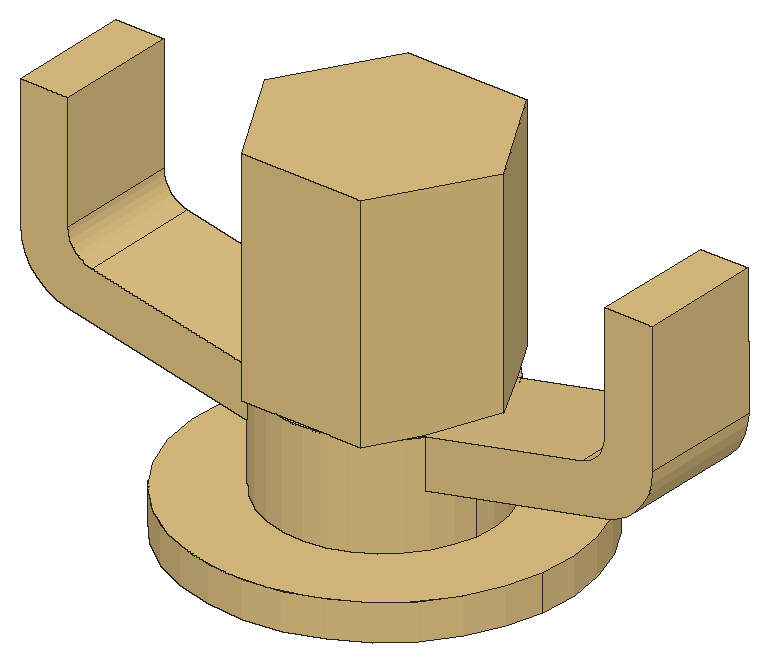
Revit family "WING NUT 20_1905046", category Generic Models, Revit 2018
Family settings
  Can host rebar = No
  Round Connector Dimension = Use Diameter
  Part Type = Normal
  OmniClass Number = 35.51.14.00
  OmniClass Title = FORMWORK
  Work Plane-Based = Yes
  Always vertical = No
  Cut with Voids When Loaded = No
  Shared = Yes
  Room Calculation Point = No
Parameters
  VERSION = "20190130"  # constant formula
  URL = "www.ulmaconstruction.com/en"
  UNICLASS = ""
  Manufacturer = "ULMA CONSTRUCTION"  # constant formula
  ITEM_CODE = "1905046"
  FILTER [instance] = ""
  Default Elevation = 0.000 mm
  CLASSIFICATION_TITLE = ""
  CLASSIFICATION_NUMBER = ""
Reference planes
  plane 1 "Centro (Frontal/Posterior)": y = 0
  plane 2: z = 0
  plane 3 "Centro (Izquierda/Derecha)": x = 0
Forms (mm)
  Extrusion 1, solid, material "ULMA BICHROMATE"
    sketch origin (0, 0, 60) x (1, 0, 0) y (0, 1, 0)
      loop
        line (-20, 0) -> (-10, -17.321) -> (10, -17.321) -> (20, 0) -> (10, 17.321) -> (-10, 17.321) -> (-20, 0)
    from -37 to 0
  Extrusion 2, solid, material "ULMA BICHROMATE"
    sketch origin (0, 0, 23) x (0, 1, 0) y (1, 0, 0)
      loop
        circle (0, 0) r 17.973
    from 0 to 17
  Extrusion 3, solid, material "ULMA BICHROMATE"
    sketch origin (19.5, 0, 6) x (1, 0, 0) y (0, 1, 0)
      loop
        circle (-19.5, 0) r 30.996
    from 0 to -6
  Extrusion 4, solid, material "ULMA BICHROMATE", detail levels medium+fine
    sketch origin (0, 0, 0) x (1, 0, 0) y (0, 0, 1)
      loop
        arc (-53, 31.174) -> (-50.771, 24.881) -> (-45.079, 21.393) r 10
        line (-45.079, 21.393) -> (-12.757, 14.522) -> (12.757, 14.522) -> (45.079, 21.393)
        arc (45.079, 21.393) -> (50.771, 24.881) -> (53, 31.174) r 10
        line (53, 31.174) -> (53, 53) -> (45, 53) -> (45, 33.233)
        arc (45, 33.233) -> (43.771, 30.315) -> (41.04, 28.713) r 5.019
        line (41.04, 28.713) -> (12.757, 22.701) -> (-12.757, 22.701) -> (-41.04, 28.713)
        arc (-41.04, 28.713) -> (-43.886, 30.457) -> (-45, 33.603) r 5
        line (-45, 33.603) -> (-45, 53) -> (-53, 53) -> (-53, 31.174)
    from -10 to 10
Lines and regions (mm)
  model lines, style "ULMA ANCHOR", detail levels fine
    curve 1: circle (0, 0, 60) r 10 normal (0, 0, 1)
Dimensions and locks
  aligned and locked: level to plane 2
